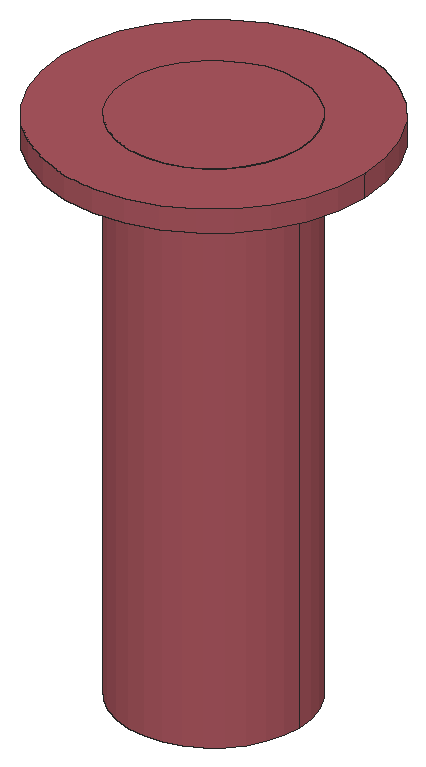
Revit family "Fluid-Storage_Tank-Accessory_Xerxes_Inlet-Outlet", category Generic Models, Revit 2026
Family settings
  Can host rebar = No
  Round Connector Dimension = Use Radius
  Part Type = Normal
  Classification Number = 23.65.20.11
  Work Plane-Based = Yes
  Always vertical = No
  Cut with Voids When Loaded = No
  Maintain Annotation Orientation = No
  Shared = No
  Room Calculation Point = No
Parameters (values of type "Inspection Tube")
  piperad [instance] = Pipe OD / 2  # 0' - 2"
  Warranty Duration (Years) = 0
  URL = "http://www.xerxes.com/"
  Specification = "http://www.arcat.com/sdspecs/htm04/33_16_00xer.htm"
  SpecWizard = "http://www.arcat.com/specwizard/clients/xerxes.html?coid=36629"
  Send Message = ""
  Sales Information = "http://www.xerxes.com/contact.html?country=US&productType=Petroleum%20Products"
  Revision = "R1_2015-07"
  Product Properties = ""
  Product Data = "http://www.arcat.com/arcatcos/cos36/arc36629.html"
  Pipe OD [instance] = 0' - 4"
  Pipe ID [instance] = 0' - 3 3/4"
  Model = "Inspection Tube"
  Manufacturer Website = "http://www.xerxes.com/"
  Manufacturer Phone - Toll Free = ""
  Manufacturer Phone = "952-887-1890"
  Manufacturer Fax = "952-887-1882"
  Manufacturer Address = "7901 Xerxes Ave. S.   Minneapolis, MN 55431"
  Manufacturer = "Xerxes Corporation"
  Maintenance Schedule (Months) = 0
  Length of Pipe Connector [instance] = 1' - 0"
  Keynote = "13200"
  Invert [instance] = 0' - 0"
  Installation-Fabrication = ""
  Installation Phase = ""
  Green Building-LEED = ""
  Flange Thickness [instance] = 0' - 0 1/2"
  Flange Diameter [instance] = 7"
  Exterior Finish [instance] = Plastic - Fiberglass - Xerxes - Signature Red
  Expected Lifespan (Years) = 0
  Drawn By = "Sumex Design, Inc. / Robert S. Weygant, CSI, CDT, SCIP"
  Description = "Xerxes Tank Inspection Tube"
  Default Elevation = 0' - 0"
  Copyright = "©Arcat Inc."
  Construction Details = "http://www.arcat.com/details/xerxes/xerxes.html?coid=36629"
  Assembly Code = "G30"
Types (6): name | Model | Description
  Inspection Tube | "Inspection Tube" | "Xerxes Tank Inspection Tube"
  Vent | "Vent" | "Xerxes Tank Vent"
  Flanged Fluid Outlet | "Flanged Outlet" | "Xerxes Tank Flanged Fluid Outlet"
  Fluid Outlet | "Outlet" | "Xerxes Tank Fluid Outlet"
  Flanged Fluid Inlet | "Flanged Inlet" | "Xerxes Tank Flanged Fluid Inlet"
  Fluid Inlet | "Inlet" | "Xerxes Tank Fluid Inlet"
Reference planes (in)
  plane 1 "Center (Front/Back)": y = 0
  plane 2 "Bottom": z = 0
  plane 3 "Center (Left/Right)": x = 0
  plane 4 "Front": y = -2
  plane 5 "Back": y = 2
  plane 6 "Left": x = -2
  plane 7 "Right": x = 2
  plane 8: z = 12
  plane 9: y = -1.875
  plane 10: y = 1.875
  plane 11: x = -1.875
  plane 12: x = 1.875
  plane 13: x = -3.5
  plane 14: x = 3.5
  plane 15: y = 3.5
  plane 16: y = -3.5
  plane 17: z = 11.5
Forms (in)
  Extrusion 1, solid, material "Plastic - Fiberglass - Xerxes - Signature Red" <- "Exterior Finish"
    sketch origin (0, 0, 0) x (1, 0, 0) y (0, 1, 0)
      loop
        circle (0, 0) r 2
    from 0 to 12
  Extrusion 2, solid, material "Plastic - Fiberglass - Xerxes - Signature Red" <- "Exterior Finish"
    sketch origin (0, 0, 0) x (1, 0, 0) y (0, 1, 0)
      loop
        circle (0, 0) r 3.5
    from 11.5 to 12
Dimensions and locks (in)
  equal spacing: plane 6 "Left", plane 3 "Center (Left/Right)", plane 7 "Right"
  "Pipe OD": plane 6 "Left" to plane 7 "Right"
  equal spacing: plane 5 "Back", plane 1 "Center (Front/Back)", plane 4 "Front"
  "Pipe OD": plane 5 "Back" to plane 4 "Front"
  "Length of Pipe Connector": plane 8 to level
  equal spacing: plane 11, plane 3 "Center (Left/Right)", plane 12
  equal spacing: plane 10, plane 1 "Center (Front/Back)", plane 9
  "Pipe ID": plane 10 to plane 9
  "Pipe ID": plane 11 to plane 12
  equal spacing: plane 13, plane 3 "Center (Left/Right)", plane 14
  equal spacing: plane 15, plane 1 "Center (Front/Back)", plane 16
  "Flange Diameter": plane 13 to plane 14
  "Flange Diameter": plane 15 to plane 16
  "Flange Thickness": plane 8 to plane 17
  aligned and locked: plane 6 "Left" to Extrusion 1 sketch curve
  aligned and locked: plane 7 "Right" to Extrusion 1 sketch curve
  aligned and locked: plane 8 to Extrusion 1
  aligned and locked: plane 13 to Extrusion 2 sketch curve
  aligned and locked: plane 14 to Extrusion 2 sketch curve
  aligned and locked: Extrusion 2 to plane 17
Automatic sketch dimensions
  plane 1 "Center (Front/Back)" to Extrusion 1 sketch curve = 0' - 0"
  plane 1 "Center (Front/Back)" to Extrusion 2 sketch curve = 0' - 0"
Connectors (in)
  piping at (0, 0, 12), diameter 4, driven by "piperad"
    settings: on Extrusion 1, index 1, connector inside diameter 4", connector length 0' - 0", flow factor 0, pipe flow 0 GPM, pressure drop 0.00 psi, fitting loss kfactor 0, connector angle 0.00°, fixture units 0, engagement length 0' - 0", angle of deflection 0.00°, flow configuration 0, flow direction 0, fitting loss method 0, system type 29, joint type 0, gender type 0, connector reference index -1, connector utility 0, adjustable connector no, is connector primary yes, connector description ""
